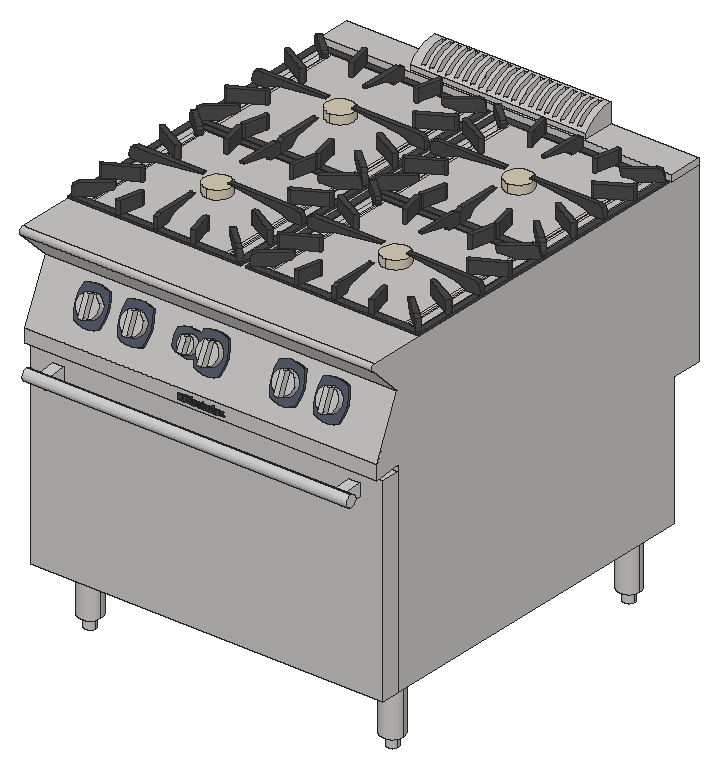
Revit family "QF_ELECTROLUXPROFESSIONAL_391575_E9AAKTBBMEI", category Attrezzature speciali, Revit 2018 (continued)
Automatic sketch dimensions
  Extrusion 12 sketch curve to Extrusion 12 sketch curve = 3.062 mm
  Extrusion 12 sketch curve to Extrusion 12 sketch curve = 2.968 mm
  Extrusion 12 sketch curve to Extrusion 12 sketch curve = 5.044 mm
  Extrusion 12 sketch curve to Extrusion 12 sketch curve = 0.629 mm  (x2)
  Extrusion 12 sketch curve to Extrusion 12 sketch curve = 1.131 mm
  Extrusion 12 sketch curve to Extrusion 12 sketch curve = 0.137 mm
  Extrusion 12 sketch curve to Extrusion 12 sketch curve = 0.027 mm
  Extrusion 12 sketch curve to Extrusion 12 sketch curve = 2.235 mm
  Extrusion 13 sketch curve to Extrusion 1 = 0 mm
  Extrusion 1 to Extrusion 13 sketch curve = 9.61 mm
  Extrusion 13 sketch curve to Extrusion 1 = 0.775 mm
  Extrusion 1 to Extrusion 13 sketch curve = 0.1 mm
  Extrusion 15 sketch curve to plane 12 = 298.908 mm
  plane 5 "FRONT" to Extrusion 15 sketch curve = 18.336 mm
  Extrusion 15 sketch curve to Extrusion 15 sketch curve = 3.343 mm
  Extrusion 15 sketch curve to Extrusion 15 sketch curve = 2.066 mm
  Extrusion 15 sketch curve to Extrusion 15 sketch curve = 0 mm  (x2)
  Extrusion 15 sketch curve to Extrusion 15 sketch curve = 1.593 mm
  Extrusion 15 sketch curve to Extrusion 15 sketch curve = 5.756 mm
  Extrusion 15 sketch curve to Extrusion 15 sketch curve = 4.906 mm
  Extrusion 15 sketch curve to Extrusion 15 sketch curve = 5.312 mm
  plane 5 "FRONT" to Extrusion 15 sketch curve = 9.206 mm
  Extrusion 15 sketch curve to Extrusion 15 sketch curve = 11.3 mm
  Extrusion 15 sketch curve to Extrusion 15 sketch curve = 28.009 mm
  Extrusion 15 sketch curve to Extrusion 15 sketch curve = 2.83 mm
  Extrusion 16 sketch curve to plane 12 = 298.908 mm
  plane 5 "FRONT" to Extrusion 16 sketch curve = 18.336 mm
  Extrusion 16 sketch curve to Extrusion 16 sketch curve = 3.343 mm
  Extrusion 16 sketch curve to Extrusion 16 sketch curve = 2.066 mm
  Extrusion 16 sketch curve to Extrusion 16 sketch curve = 0 mm  (x2)
  Extrusion 16 sketch curve to Extrusion 16 sketch curve = 1.593 mm
  Extrusion 16 sketch curve to Extrusion 16 sketch curve = 5.756 mm
  Extrusion 16 sketch curve to Extrusion 16 sketch curve = 4.906 mm
  Extrusion 16 sketch curve to Extrusion 16 sketch curve = 5.312 mm
  plane 5 "FRONT" to Extrusion 16 sketch curve = 9.206 mm
  Extrusion 16 sketch curve to Extrusion 16 sketch curve = 11.3 mm
  Extrusion 16 sketch curve to Extrusion 16 sketch curve = 28.009 mm
  Extrusion 16 sketch curve to Extrusion 16 sketch curve = 11.2 mm
  plane 5 "FRONT" to Extrusion 19 sketch curve = 0 mm  (x2)
  plane 1 "BACK" to Extrusion 19 sketch curve = 0 mm
  Extrusion 19 sketch curve to plane 3 "LEFT" = 0 mm
  Extrusion 19 sketch curve to plane 4 "RIGHT" = 0 mm
  Extrusion 19 sketch curve to plane 3 "LEFT" = 100.013 mm
  Extrusion 19 sketch curve to Extrusion 19 sketch curve = 100.013 mm
  Extrusion 19 sketch curve to plane 1 "BACK" = 100.013 mm
  Extrusion 1 sketch curve to plane 5 "FRONT" = 7.973 mm
  Extrusion 1 sketch curve to plane 5 "FRONT" = 13.51 mm
  plane 15 to Extrusion 1 sketch curve = 57.381 mm
  Extrusion 15 sketch curve to plane 5 "FRONT" = 29.472 mm
  Extrusion 16 sketch curve to plane 5 "FRONT" = 29.472 mm
  Extrusion 17 sketch curve to Extrusion 13 = 0 mm  (x2)
  Extrusion 17 sketch curve to Extrusion 13 = 3.712 mm
  Extrusion 17 sketch curve to Extrusion 13 = 0.003 mm
  Extrusion 13 to Extrusion 17 sketch curve = 3.53 mm
  plane 4 "RIGHT" to Revolve 3 sketch curve = 55.563 mm
  Revolve 3 sketch curve to Revolve 3 sketch curve = 0 mm
  plane 4 "RIGHT" to Revolve 4 sketch curve = 55.562 mm
  Revolve 4 sketch curve to Revolve 4 sketch curve = 0 mm
  Extrusion 9 sketch curve to Extrusion 9 sketch curve = 15.898 mm
  plane 5 "FRONT" to curve 1 = 0 mm
  curve 10 to plane 3 "LEFT" = 0 mm
  plane 17 to curve 10 = 0 mm
  curve 8 to plane 4 "RIGHT" = 0 mm
  plane 5 "FRONT" to curve 6 = 0 mm
  curve 1 to plane 3 "LEFT" = 100.013 mm
  plane 4 "RIGHT" to curve 10 = 0.1 mm
  curve 3 to plane 4 "RIGHT" = 100.013 mm
  curve 3 to plane 5 "FRONT" = 0.396 mm
  curve 11 to plane 5 "FRONT" = 1.275 mm
  plane 11 to curve 7 = 4.762 mm
  curve 2 to plane 1 "BACK" = 100.013 mm
  plane 13 to curve 13 = 25.075 mm
  plane 13 to curve 20 = 5.2 mm
  curve 22 to plane 13 = 20.2 mm
  curve 17 to plane 19 = 20.2 mm
  plane 19 to curve 23 = 5.2 mm
  plane 5 "FRONT" to curve 15 = 7.706 mm
  curve 15 to curve 15 = 19.875 mm
  curve 12 to curve 15 = 25.4 mm
  curve 17 to curve 17 = 23.508 mm
  curve 12 to curve 20 = 9.598 mm
  curve 18 to curve 17 = 7.706 mm
  curve 19 to curve 20 = 7.706 mm
  plane 1 "BACK" to curve 26 = 0 mm
  curve 24 to plane 13 = 144 mm
  plane 1 "BACK" to curve 106 = 6.761 mm
  curve 24 to curve 106 = 20.698 mm
  curve 105 to curve 103 = 9.296 mm
  curve 103 to curve 102 = 9.397 mm
  curve 100 to curve 99 = 9.296 mm
  curve 99 to curve 97 = 9.397 mm
  curve 97 to curve 98 = 9.296 mm
  curve 95 to curve 93 = 9.397 mm
  curve 93 to curve 94 = 9.296 mm
  curve 91 to curve 88 = 9.397 mm
  curve 89 to curve 87 = 9.296 mm
  curve 87 to curve 85 = 9.397 mm
  curve 85 to curve 86 = 9.296 mm
  curve 83 to curve 82 = 9.397 mm
  curve 81 to curve 82 = 9.296 mm
  curve 79 to curve 78 = 9.397 mm
  curve 77 to curve 78 = 9.296 mm
  curve 75 to curve 72 = 9.397 mm
  curve 72 to curve 72 = 9.296 mm
  curve 71 to curve 68 = 9.397 mm
  curve 67 to plane 7 "Center Y" = 1.823 mm
  plane 7 "Center Y" to curve 65 = 7.574 mm
  curve 64 to curve 64 = 9.296 mm
  curve 63 to curve 61 = 9.397 mm
  curve 61 to curve 59 = 9.296 mm
  curve 59 to curve 57 = 9.397 mm
  curve 57 to curve 55 = 9.296 mm
  curve 55 to curve 53 = 9.397 mm
  curve 53 to curve 51 = 9.296 mm
  curve 51 to curve 48 = 9.397 mm
  curve 49 to curve 47 = 9.296 mm
  curve 47 to curve 45 = 9.397 mm
  curve 45 to curve 46 = 9.296 mm
  curve 43 to curve 41 = 9.397 mm
  curve 41 to curve 42 = 9.296 mm
  curve 39 to curve 37 = 9.397 mm
  curve 37 to curve 38 = 9.296 mm
  curve 35 to curve 32 = 9.397 mm
  curve 33 to curve 31 = 9.296 mm
  curve 31 to curve 28 = 9.397 mm
  curve 29 to curve 27 = 9.296 mm
  curve 30 to curve 26 = 14.847 mm
  plane 11 to curve 26 = 11.113 mm
  plane 11 to curve 104 = 17.052 mm
  plane 11 to curve 100 = 17.052 mm
  curve 100 to curve 96 = 0 mm
  curve 25 to curve 27 = 5.939 mm
  curve 95 to curve 93 = 0 mm
  curve 31 to curve 28 = 0 mm
  curve 91 to curve 89 = 0 mm
  curve 35 to curve 32 = 0 mm
  curve 87 to curve 85 = 0 mm
  curve 39 to curve 36 = 0 mm
  curve 83 to curve 81 = 0 mm
  curve 43 to curve 40 = 0 mm
  curve 79 to curve 77 = 0 mm
  curve 47 to curve 44 = 0 mm
  curve 75 to curve 73 = 0 mm
  curve 51 to curve 48 = 0 mm
  curve 71 to curve 69 = 0 mm
  curve 55 to curve 52 = 0 mm
  curve 67 to curve 65 = 0 mm
  curve 59 to curve 56 = 0 mm
  plane 1 "BACK" to curve 62 = 6.761 mm
  plane 1 "BACK" to curve 63 = 6.761 mm
  plane 1 "BACK" to curve 58 = 6.761 mm
  plane 1 "BACK" to curve 67 = 6.761 mm
  plane 1 "BACK" to curve 54 = 6.761 mm
  plane 1 "BACK" to curve 50 = 6.761 mm
  plane 1 "BACK" to curve 73 = 6.761 mm
  plane 1 "BACK" to curve 75 = 6.761 mm
  plane 1 "BACK" to curve 46 = 6.761 mm
  plane 1 "BACK" to curve 42 = 6.761 mm
  plane 1 "BACK" to curve 81 = 6.761 mm
  plane 1 "BACK" to curve 38 = 6.761 mm
  plane 1 "BACK" to curve 85 = 6.761 mm
  plane 1 "BACK" to curve 34 = 6.761 mm
  plane 1 "BACK" to curve 89 = 6.761 mm
  plane 1 "BACK" to curve 91 = 6.761 mm
  plane 1 "BACK" to curve 30 = 6.761 mm
  plane 1 "BACK" to curve 101 = 6.761 mm
  plane 1 "BACK" to curve 97 = 6.761 mm
  radius of Extrusion 10 sketch curve = 25.4 mm  (x5)
  radius of Extrusion 10 sketch curve = 19.05 mm
  radius of Extrusion 11 sketch curve to Extrusion 10 = 0 mm  (x6)
  radius of Extrusion 14 sketch curve to Extrusion 16 = 0 mm
  radius of Extrusion 18 sketch curve = 6.4 mm  (x2)
Nested families
  nested 1: "371009_BURNER" at (393.7, -440.488, 0) x (-1, 0, 0) z (0, 0, 1), type "371009_BURNER"
    with Type Mark "", Status "", Specification by User "", Revision Code "", Item Number "", Installed By "", Identify Quantity as Lot yes, Furnished By "", Foodservice Equipment Identifier yes
  nested 2: "371009_BURNER" at (393.7, -440.488, 0) x (-1, 0, 0) z (0, 0, 1), type "371009_BURNER"
    with Type Mark "", Status "", Specification by User "", Revision Code "", Item Number "", Installed By "", Identify Quantity as Lot yes, Furnished By "", Foodservice Equipment Identifier yes
  nested 3: "371009_BURNER" at (406.4, -440.488, 0), type "371009_BURNER"
    with Type Mark "", Status "", Specification by User "", Revision Code "", Item Number "", Installed By "", Identify Quantity as Lot yes, Furnished By "", Foodservice Equipment Identifier yes
  nested 4: "371009_BURNER" at (406.4, -440.488, 0), type "371009_BURNER"
    with Type Mark "", Status "", Specification by User "", Revision Code "", Item Number "", Installed By "", Identify Quantity as Lot yes, Furnished By "", Foodservice Equipment Identifier yes
Connectors
  piping at (749.3, -665.163, 128.587), diameter 12.8
    settings: on Extrusion 18, index 1, connector inside diameter 0.50394", connector length 0 mm, flow factor 0, pipe flow 0 GPM, pressure drop 0.00 psi, fitting loss kfactor 0, connector angle 0.00°, fixture units 0, engagement length 0 mm, angle of deflection 0.00°, flow configuration 1, flow direction 1, fitting loss method 0, system type 7, joint type 0, gender type 0, connector reference index -1, connector utility 0, adjustable connector no, is connector primary yes, connector description "GAS CONNECTION"
Definition of nested family "371009_BURNER"
  Parameters
    Weight in Pounds = 0
    URL Cutsheet = ""
    URL = "www.electrolux.com"
    Type Mark [instance] = ""
    Status [instance] = ""
    Specification by User [instance] = ""
    Specification by Manufacturer = ""
    Show Clearance [instance] = yes
    Serial Number = ""
    Seismic Rating = ""
    SMACNA No = ""
    Revision Code [instance] = ""
    Omniclass Number and Title = ""
    NAFEM Spec ID Number = ""
    Model = "371009"
    Masterspec = ""
    Manufacturer = "ELECTROLUX"
    Item Number [instance] = ""
    Installed By [instance] = ""
    Identify Quantity as Lot [instance] = yes
    Furnished By [instance] = ""
    Foodservice Equipment Identifier [instance] = yes
    Description = ""
    CSI MasterFormat = ""
    CSI Master Format = ""
  Reference planes
    plane 1 "BACK": y = 0
    plane 2: z = 0
    plane 3 "LEFT": x = 0
    plane 4 "RIGHT": x = 393.7
    plane 5 "FRONT": y = -355.6
    plane 6 "TOP": z = 908.85
    plane 7 "Center Y": x = 196.85
    plane 8 "Center X": y = -177.8
    plane 9 "Base": z = 150
    plane 10: z = 850.85
  Forms (mm)
    Extrusion 1, solid
      sketch origin (-6.433, -404.961, 5) x (1, 0, 0) y (0, 0, -1)
        loop
          arc (7.142, -850.85) -> (6.739, -862.989) -> (9.761, -874.752) r 42.809
          line (9.761, -874.752) -> (19.961, -879.425) -> (173.122, -879.425)
          arc (173.122, -879.425) -> (174.316, -878.312) -> (173.289, -877.043) r 1.197
          line (173.289, -877.043) -> (64.848, -864.021)
          arc (64.848, -864.021) -> (50.111, -858.738) -> (36.589, -850.85) r 85.245
          line (36.589, -850.85) -> (7.142, -850.85)
        loop
          line (399.424, -850.85) -> (369.977, -850.85)
          arc (369.977, -850.85) -> (356.455, -858.738) -> (341.718, -864.021) r 85.245
          line (341.718, -864.021) -> (233.277, -877.043)
          arc (233.277, -877.043) -> (232.25, -878.312) -> (233.444, -879.425) r 1.197
          line (233.444, -879.425) -> (386.605, -879.425) -> (396.806, -874.752)
          arc (396.806, -874.752) -> (399.827, -862.989) -> (399.424, -850.85) r 42.809
      from 224.564 to 234.564
    Extrusion 2, solid
      sketch origin (196.85, 175.397, 1219.2) x (0, 1, 0) y (0, 0, 1)
        loop
          line (-204.463, -363.35) -> (-175.397, -363.35) -> (-175.397, -339.506)
          arc (-175.397, -339.506) -> (-181.025, -338.266) -> (-185.611, -334.775) r 13.39
          line (-185.611, -334.775) -> (-278.903, -334.775)
          arc (-278.903, -334.775) -> (-280.097, -335.888) -> (-279.07, -337.157) r 1.197
          line (-279.07, -337.157) -> (-227.151, -347.464)
          arc (-227.151, -347.464) -> (-213.741, -352.457) -> (-204.463, -363.35) r 28.426
        loop
          arc (-496.332, -363.35) -> (-487.053, -352.457) -> (-473.644, -347.464) r 28.426
          line (-473.644, -347.464) -> (-421.725, -337.157)
          arc (-421.725, -337.157) -> (-420.697, -335.888) -> (-421.891, -334.775) r 1.197
          line (-421.891, -334.775) -> (-515.184, -334.775)
          arc (-515.184, -334.775) -> (-519.769, -338.266) -> (-525.397, -339.506) r 13.39
          line (-525.397, -339.506) -> (-525.397, -363.35) -> (-496.332, -363.35)
      from -5 to 5
    Extrusion 3, solid
      sketch origin (-6.433, 367.064, 850.85) x (0, -1, 0) y (1, 0, 0)
        loop
          line (722.664, 6.433) -> (722.664, 400.133) -> (367.064, 400.133) -> (367.064, 6.433) -> (722.664, 6.433)
        loop
          line (382.064, 21.433) -> (707.664, 21.433) -> (707.664, 385.133) -> (382.064, 385.133) -> (382.064, 21.433)
      from 0 to 5
    Extrusion 4, solid
      sketch origin (-18.933, 367.064, 855.85) x (0, -1, 0) y (1, 0, 0)
        loop
          circle (541.667, 215.783) r 30
      from -1.321 to 17.134
    Extrusion 5, solid
      sketch origin (-6.433, -367.064, 0) x (1, 0, 0) y (0, 0, -1)
        loop
          line (21.433, -855.85) -> (36.589, -855.85)
          arc (36.589, -855.85) -> (40.561, -855.243) -> (44.305, -853.783) r 18.259
          arc (44.305, -853.783) -> (45.997, -853.366) -> (47.69, -853.783) r 3.649
          arc (47.69, -853.783) -> (49.901, -854.522) -> (52.232, -854.529) r 7.328
          line (52.232, -854.529) -> (354.334, -854.529)
          arc (354.334, -854.529) -> (356.666, -854.522) -> (358.877, -853.783) r 7.328
          arc (358.877, -853.783) -> (360.569, -853.366) -> (362.261, -853.783) r 3.649
          arc (362.261, -853.783) -> (366.005, -855.243) -> (369.977, -855.85) r 18.259
          line (369.977, -855.85) -> (385.133, -855.85) -> (385.133, -850.85) -> (21.433, -850.85) -> (21.433, -855.85)
      from 26.464 to 352.064
    Extrusion 6, solid
      sketch origin (83.284, -458.334, 5) x (0.742103, 0.670286, 0) y (0, 0, -1)
        loop
          arc (88.629, -864.012) -> (73.909, -858.731) -> (60.402, -850.85) r 85.245
          line (60.402, -850.85) -> (14.993, -850.85)
          arc (14.993, -850.85) -> (14.642, -862.948) -> (17.686, -874.663) r 42.876
          line (17.686, -874.663) -> (27.899, -879.425) -> (89.664, -879.425)
          arc (89.664, -879.425) -> (92.39, -878.352) -> (93.654, -875.709) r 4
          arc (93.654, -875.709) -> (92.562, -869.25) -> (88.629, -864.012) r 13.87
        loop
          arc (457.638, -864.012) -> (453.704, -869.25) -> (452.613, -875.709) r 13.87
          arc (452.613, -875.709) -> (453.876, -878.352) -> (456.603, -879.425) r 4
          line (456.603, -879.425) -> (518.367, -879.425) -> (528.581, -874.663)
          arc (528.581, -874.663) -> (531.624, -862.948) -> (531.273, -850.85) r 42.876
          line (531.273, -850.85) -> (485.865, -850.85)
          arc (485.865, -850.85) -> (472.357, -858.731) -> (457.638, -864.012) r 85.245
      from 127.064 to 137.064
    Extrusion 7, solid
      sketch origin (310.416, -458.334, 5) x (-0.742103, 0.670286, 0) y (0, 0, 1)
        loop
          arc (88.629, 864.012) -> (92.562, 869.25) -> (93.654, 875.709) r 13.87
          arc (93.654, 875.709) -> (92.39, 878.352) -> (89.664, 879.425) r 4
          line (89.664, 879.425) -> (27.899, 879.425) -> (17.686, 874.663)
          arc (17.686, 874.663) -> (14.642, 862.948) -> (14.993, 850.85) r 42.876
          line (14.993, 850.85) -> (60.402, 850.85)
          arc (60.402, 850.85) -> (73.909, 858.731) -> (88.629, 864.012) r 85.245
        loop
          arc (457.638, 864.012) -> (472.357, 858.731) -> (485.865, 850.85) r 85.245
          line (485.865, 850.85) -> (531.273, 850.85)
          arc (531.273, 850.85) -> (531.624, 862.948) -> (528.581, 874.663) r 42.876
          line (528.581, 874.663) -> (518.367, 879.425) -> (456.603, 879.425)
          arc (456.603, 879.425) -> (453.876, 878.352) -> (452.613, 875.709) r 4
          arc (452.613, 875.709) -> (453.704, 869.25) -> (457.638, 864.012) r 13.87
      from 127.064 to 137.064
    Extrusion 8, solid
      sketch origin (-6.433, 367.064, 855.85) x (0, -1, 0) y (1, 0, 0)
        loop
          arc (626.166, 9.428) -> (632.956, 7.454) -> (634.93, 14.244) r 5
          line (634.93, 14.244) -> (600.514, 76.878)
          arc (600.514, 76.878) -> (593.724, 78.852) -> (591.75, 72.062) r 5
          line (591.75, 72.062) -> (626.166, 9.428)
        loop
          line (463.562, 9.428) -> (497.977, 72.062)
          arc (497.977, 72.062) -> (496.003, 78.852) -> (489.213, 76.878) r 5
          line (489.213, 76.878) -> (454.798, 14.244)
          arc (454.798, 14.244) -> (456.772, 7.454) -> (463.562, 9.428) r 5
        loop
          line (626.166, 397.138) -> (591.75, 334.504)
          arc (591.75, 334.504) -> (593.724, 327.714) -> (600.514, 329.689) r 5
          line (600.514, 329.689) -> (634.93, 392.323)
          arc (634.93, 392.323) -> (632.956, 399.113) -> (626.166, 397.138) r 5
        loop
          arc (463.562, 397.138) -> (456.772, 399.113) -> (454.798, 392.323) r 5
          line (454.798, 392.323) -> (489.213, 329.689)
          arc (489.213, 329.689) -> (496.003, 327.714) -> (497.977, 334.504) r 5
          line (497.977, 334.504) -> (463.562, 397.138)
        loop
          line (715.14, 293.499) -> (666.703, 282.317)
          arc (666.703, 282.317) -> (662.956, 276.32) -> (668.953, 272.573) r 5
          line (668.953, 272.573) -> (717.389, 283.756)
          arc (717.389, 283.756) -> (721.136, 289.752) -> (715.14, 293.499) r 5
        loop
          arc (715.14, 113.067) -> (721.136, 116.814) -> (717.389, 122.811) r 5
          line (717.389, 122.811) -> (668.953, 133.993)
          arc (668.953, 133.993) -> (662.956, 130.246) -> (666.703, 124.249) r 5
          line (666.703, 124.249) -> (715.14, 113.067)
        loop
          arc (374.588, 293.499) -> (368.591, 289.752) -> (372.338, 283.756) r 5
          line (372.338, 283.756) -> (420.775, 272.573)
          arc (420.775, 272.573) -> (426.771, 276.32) -> (423.024, 282.317) r 5
          line (423.024, 282.317) -> (374.588, 293.499)
        loop
          line (374.588, 113.067) -> (423.024, 124.249)
          arc (423.024, 124.249) -> (426.771, 130.246) -> (420.775, 133.993) r 5
          line (420.775, 133.993) -> (372.338, 122.811)
          arc (372.338, 122.811) -> (368.591, 116.814) -> (374.588, 113.067) r 5
      from 0 to 28.575
  Lines and regions (mm)
    symbolic lines
      curve 1: line (0, -355.6, 150) -> (393.7, -355.6, 150)
      curve 2: line (0, 0, 150) -> (0, -355.6, 150)
      curve 3: line (393.7, -355.6, 150) -> (393.7, 0, 150)
      curve 4: line (369.633, -15, 150) -> (285.34, -15, 150)
      curve 5: line (24.067, -340.6, 150) -> (108.36, -340.6, 150)
      curve 6: line (157.475, -170.397, 150) -> (157.475, -15, 150)
      curve 7: line (236.225, -170.397, 150) -> (236.225, -15, 150)
      curve 8: line (201.85, -350, 150) -> (201.85, -176.674, 150)
      curve 9: line (0, -180.397, 150) -> (167.224, -180.397, 150)
      curve 10: line (393.7, -170.397, 150) -> (228.275, -170.397, 150)
      curve 11: line (15, -180.397, 150) -> (15, -252.506, 150)
      curve 12: line (45.799, -340.6, 150) -> (45.799, -320.971, 150)
      curve 13: line (167.224, -170.397, 150) -> (0, -170.397, 150)
      curve 14: line (228.275, -180.504, 150) -> (393.7, -180.504, 150)
      curve 15: arc (228.275, -170.397, 150) -> (223.221, -175.45, 150) -> (228.275, -180.504, 150) r 5.054
      curve 16: arc (167.224, -170.397, 150) -> (172.224, -175.397, 150) -> (167.224, -180.397, 150) r 5
      curve 17: line (191.85, -176.674, 150) -> (191.85, -350, 150)
      curve 18: line (201.85, -134.556, 150) -> (201.85, -0.794, 150)
      curve 19: arc (201.85, -176.674, 150) -> (196.85, -171.674, 150) -> (191.85, -176.674, 150) r 5
      curve 20: arc (201.85, -134.556, 150) -> (196.85, -139.556, 150) -> (191.85, -134.556, 150) r 5
      curve 21: line (191.85, -15, 150) -> (118.623, -15, 150)
      curve 22: arc (201.85, -29.042, 150) -> (213.272, -50.008, 150) -> (201.85, -70.973, 150) r 24.953
      curve 23: arc (213.086, -53.048, 150) -> (214.5, -50.008, 150) -> (213.086, -46.967, 150) r 3.975
      curve 24: arc (191.85, -29.852, 150) -> (181.339, -50.008, 150) -> (191.85, -70.163, 150) r 24.58
      curve 25: arc (181.527, -53.042, 150) -> (179.976, -50.008, 150) -> (181.527, -46.973, 150) r 3.745
      curve 26: line (191.85, -0.794, 150) -> (191.85, -134.556, 150)
      curve 27: line (191.85, -350, 150) -> (201.85, -350, 150)
      curve 28: line (191.85, -11.007, 150) -> (201.85, -11.007, 150)
      curve 29: line (191.85, -0.794, 150) -> (201.85, -0.794, 150)
      curve 30: line (201.85, -340.6, 150) -> (275.077, -340.6, 150)
      curve 31: arc (196.85, -145.397, 0) -> (166.955, -172.888, 0) -> (191.85, -204.977, 0) r 30
      curve 32: arc (201.85, -204.977, 0) -> (226.745, -172.888, 0) -> (196.85, -145.397, 0) r 30
      curve 33: arc (158.678, -180.397, 0) -> (170.734, -200.207, 0) -> (191.85, -209.795, 0) r 39.375
      curve 34: line (163.825, -170.397, 150) -> (163.825, -15, 150)
      curve 35: line (229.875, -170.397, 150) -> (229.875, -15, 150)
      curve 36: line (144.775, -170.397, 150) -> (144.775, -15, 150)
      curve 37: line (248.925, -170.397, 150) -> (248.925, -15, 150)
      curve 38: arc (145.678, -180.397, 0) -> (161.728, -209.187, 0) -> (191.85, -222.573, 0) r 52.075
      curve 39: arc (201.85, -209.795, 0) -> (222.966, -200.207, 0) -> (235.022, -180.397, 0) r 39.375
      curve 40: arc (201.85, -222.573, 0) -> (231.931, -209.224, 0) -> (248.001, -180.504, 0) r 52.075
      curve 41: line (393.7, 0, 0) -> (0, 0, 0)
      curve 42: line (70.445, -122.149, 0) -> (7.81, -87.734, 0)
      curve 43: arc (7.81, -87.734, 0) -> (1.021, -89.708, 0) -> (2.995, -96.498, 0) r 5
      curve 44: line (2.995, -96.498, 0) -> (65.629, -130.914, 0)
      curve 45: arc (65.629, -130.914, 0) -> (72.419, -128.939, 0) -> (70.445, -122.149, 0) r 5
      curve 46: line (65.629, -224.686, 0) -> (2.995, -259.102, 0)
      curve 47: arc (2.995, -259.102, 0) -> (1.021, -265.892, 0) -> (7.81, -267.866, 0) r 5
      curve 48: line (7.81, -267.866, 0) -> (70.445, -233.451, 0)
      curve 49: arc (70.445, -233.451, 0) -> (72.419, -226.661, 0) -> (65.629, -224.686, 0) r 5
      curve 50: line (323.255, -122.149, 0) -> (385.89, -87.734, 0)
      curve 51: arc (385.89, -87.734, 0) -> (392.679, -89.708, 0) -> (390.705, -96.498, 0) r 5
      curve 52: line (390.705, -96.498, 0) -> (328.071, -130.914, 0)
      curve 53: arc (328.071, -130.914, 0) -> (321.281, -128.939, 0) -> (323.255, -122.149, 0) r 5
      curve 54: line (328.071, -224.686, 0) -> (390.705, -259.102, 0)
      curve 55: arc (390.705, -259.102, 0) -> (392.679, -265.892, 0) -> (385.89, -267.866, 0) r 5
      curve 56: line (385.89, -267.866, 0) -> (323.255, -233.451, 0)
      curve 57: arc (323.255, -233.451, 0) -> (321.281, -226.661, 0) -> (328.071, -224.686, 0) r 5
      curve 58: line (118.623, -340.6, 150) -> (191.85, -340.6, 150)
      curve 59: line (285.34, -340.6, 150) -> (369.633, -340.6, 150)
      curve 60: line (378.7, -335.314, 0) -> (378.7, -263.916, 0)
      curve 61: line (1.326, -7.935, 0) -> (58.752, -59.804, 0)
      curve 62: line (65.455, -52.383, 0) -> (8.029, -0.514, 0)
      curve 63: arc (58.752, -59.804, 0) -> (65.814, -59.445, 0) -> (65.455, -52.383, 0) r 5
      curve 64: line (1.326, -7.935, 0) -> (8.029, -0.514, 0)
      curve 65: line (392.374, -7.935, 0) -> (334.948, -59.804, 0)
      curve 66: line (328.245, -52.383, 0) -> (385.671, -0.514, 0)
      curve 67: arc (334.948, -59.804, 0) -> (327.886, -59.445, 0) -> (328.245, -52.383, 0) r 5
      curve 68: line (392.374, -7.935, 0) -> (385.671, -0.514, 0)
      curve 69: line (392.374, -347.665, 0) -> (334.948, -295.796, 0)
      curve 70: line (328.245, -303.217, 0) -> (385.671, -355.086, 0)
      curve 71: arc (334.948, -295.796, 0) -> (327.886, -296.155, 0) -> (328.245, -303.217, 0) r 5
      curve 72: line (392.374, -347.665, 0) -> (385.671, -355.086, 0)
      curve 73: line (1.326, -347.665, 0) -> (58.752, -295.796, 0)
      curve 74: line (65.455, -303.217, 0) -> (8.029, -355.086, 0)
      curve 75: arc (58.752, -295.796, 0) -> (65.814, -296.155, 0) -> (65.455, -303.217, 0) r 5
      curve 76: line (1.326, -347.665, 0) -> (8.029, -355.086, 0)
      curve 77: line (347.901, -15, 0) -> (347.901, -34.629, 0)
      curve 78: line (347.901, -320.971, 0) -> (347.901, -340.6, 0)
      curve 79: line (378.7, -252.506, 0) -> (378.7, -180.397, 0)
      curve 80: line (347.901, -246.993, 0) -> (347.901, -307.496, 0)
      curve 81: line (378.7, -170.397, 0) -> (378.7, -103.094, 0)
      curve 82: line (347.901, -180.397, 0) -> (347.901, -235.582, 0)
      curve 83: line (378.7, -91.684, 0) -> (378.7, -20.286, 0)
      curve 84: line (347.901, -120.018, 0) -> (347.901, -170.397, 0)
      curve 85: line (347.901, -48.104, 0) -> (347.901, -108.607, 0)
      curve 86: line (275.077, -15, 150) -> (201.85, -15, 150)
      curve 87: line (108.36, -15, 150) -> (24.067, -15, 150)
      curve 88: line (45.799, -40, 150) -> (45.799, -15, 150)
      curve 89: line (45.799, -108.607, 150) -> (45.799, -40, 150)
      curve 90: line (15, -20.286, 0) -> (15, -91.684, 0)
      curve 91: line (15, -103.094, 0) -> (15, -170.397, 0)
      curve 92: line (45.799, -170.397, 150) -> (45.799, -120.018, 150)
      curve 93: line (45.799, -235.582, 150) -> (45.799, -180.397, 150)
      curve 94: line (15, -263.916, 150) -> (15, -335.314, 150)
      curve 95: line (45.799, -307.496, 150) -> (45.799, -246.993, 150)
      curve 96: line (116.378, -350.325, 0) -> (127.56, -301.889, 0)
      curve 97: arc (127.56, -301.889, 0) -> (123.813, -295.892, 0) -> (117.816, -299.64, 0) r 5
      curve 98: line (117.816, -299.64, 0) -> (106.634, -348.076, 0)
      curve 99: arc (106.634, -348.076, 0) -> (110.381, -354.072, 0) -> (116.378, -350.325, 0) r 5
      curve 100: line (266.14, -301.889, 0) -> (277.322, -350.325, 0)
      curve 101: arc (277.322, -350.325, 0) -> (283.319, -354.072, 0) -> (287.066, -348.076, 0) r 5
      curve 102: line (287.066, -348.076, 0) -> (275.884, -299.64, 0)
      curve 103: arc (275.884, -299.64, 0) -> (269.887, -295.892, 0) -> (266.14, -301.889, 0) r 5
      curve 104: line (275.884, -55.96, 0) -> (287.066, -7.524, 0)
      curve 105: arc (287.066, -7.524, 0) -> (283.319, -1.528, 0) -> (277.322, -5.275, 0) r 5
      curve 106: line (277.322, -5.275, 0) -> (266.14, -53.711, 0)
      curve 107: arc (266.14, -53.711, 0) -> (269.887, -59.708, 0) -> (275.884, -55.96, 0) r 5
      curve 108: line (127.56, -53.711, 0) -> (116.378, -5.275, 0)
      curve 109: arc (116.378, -5.275, 0) -> (110.381, -1.528, 0) -> (106.634, -7.524, 0) r 5
      curve 110: line (106.634, -7.524, 0) -> (117.816, -55.96, 0)
      curve 111: arc (117.816, -55.96, 0) -> (123.813, -59.708, 0) -> (127.56, -53.711, 0) r 5
  Dimensions and locks
    equal spacing: plane 3 "LEFT", plane 7 "Center Y", plane 4 "RIGHT"
    plane 3 "LEFT" to plane 4 "RIGHT" = 393.7 mm
    equal spacing: plane 5 "FRONT", plane 8 "Center X", plane 1 "BACK"
    plane 5 "FRONT" to plane 1 "BACK" = 355.6 mm
    plane 6 "TOP" to level = 908.85 mm
    plane 9 "Base" to level = 150 mm
    plane 6 "TOP" to plane 10 = 58 mm  (x2)
    locked: Extrusion 4 sketch curve to plane 7 "Center Y" at 0
    aligned and locked: level to plane 2
  Automatic sketch dimensions
    curve 10 to plane 4 "RIGHT" = 0 mm
    curve 20 to plane 7 "Center Y" = 0 mm
    curve 19 to plane 7 "Center Y" = 0 mm
    curve 9 to plane 3 "LEFT" = 0 mm
    plane 1 "BACK" to curve 2 = 0 mm
    plane 1 "BACK" to curve 3 = 0 mm
    plane 5 "FRONT" to curve 2 = 0 mm
    curve 4 to plane 4 "RIGHT" = 24.067 mm
    curve 59 to plane 4 "RIGHT" = 24.067 mm
    plane 1 "BACK" to curve 37 = 15 mm
    plane 7 "Center Y" to curve 37 = 52.075 mm
    curve 37 to curve 7 = 12.7 mm
    curve 7 to curve 35 = 6.35 mm
    plane 8 "Center X" to curve 15 = 2.35 mm
    curve 35 to curve 15 = 1.6 mm
    plane 7 "Center Y" to curve 23 = 16.236 mm
    curve 23 to curve 23 = 0 mm
    curve 23 to curve 23 = 2.56 mm
    curve 23 to curve 24 = 4.607 mm
    plane 7 "Center Y" to curve 86 = 5 mm
    plane 7 "Center Y" to curve 27 = 5 mm
    curve 22 to plane 7 "Center Y" = 8.531 mm
    curve 22 to curve 25 = 4.597 mm
    curve 25 to curve 25 = 2.194 mm  (x2)
    curve 9 to plane 8 "Center X" = 2.597 mm
    curve 17 to curve 9 = 24.626 mm
    curve 21 to curve 34 = 28.025 mm
    curve 34 to curve 6 = 6.35 mm
    plane 8 "Center X" to curve 36 = 7.403 mm
    curve 6 to curve 36 = 12.7 mm
    plane 3 "LEFT" to curve 12 = 45.799 mm
    plane 3 "LEFT" to curve 87 = 24.067 mm
    plane 3 "LEFT" to curve 5 = 24.067 mm
    plane 1 "BACK" to curve 26 = 0.794 mm
    curve 28 to curve 86 = 3.993 mm
    curve 28 to curve 21 = 3.993 mm
    curve 86 to curve 22 = 14.042 mm
    curve 22 to curve 24 = 0.81 mm
    curve 22 to curve 23 = 17.925 mm
    curve 25 to curve 22 = 3.035 mm
    plane 8 "Center X" to curve 26 = 43.244 mm
    curve 15 to curve 15 = 5.054 mm
    plane 8 "Center X" to curve 17 = 1.126 mm
    curve 94 to curve 12 = 5.286 mm
    curve 58 to plane 5 "FRONT" = 15 mm
    curve 59 to plane 5 "FRONT" = 15 mm
    curve 8 to plane 5 "FRONT" = 5.6 mm
    plane 3 "LEFT" to Extrusion 1 sketch curve = 0.709 mm
    plane 3 "LEFT" to Extrusion 1 sketch curve = 3.327 mm
    Extrusion 1 sketch curve to Extrusion 1 sketch curve = 10.201 mm
    plane 10 to Extrusion 1 sketch curve = 5 mm  (x2)
    Extrusion 1 sketch curve to Extrusion 1 sketch curve = 29.447 mm
    Extrusion 1 sketch curve to Extrusion 1 sketch curve = 12.704 mm  (x2)
    Extrusion 1 sketch curve to Extrusion 1 sketch curve = 15.555 mm  (x2)
    plane 3 "LEFT" to Extrusion 1 sketch curve = 79.689 mm
    Extrusion 1 sketch curve to plane 7 "Center Y" = 30.161 mm
    Extrusion 1 sketch curve to Extrusion 1 sketch curve = 0.167 mm  (x2)
    plane 7 "Center Y" to Extrusion 1 sketch curve = 29.994 mm
    Extrusion 1 sketch curve to plane 4 "RIGHT" = 79.689 mm
    plane 10 to Extrusion 1 sketch curve = 18.171 mm
    Extrusion 1 sketch curve to plane 4 "RIGHT" = 58.415 mm
    Extrusion 1 sketch curve to plane 4 "RIGHT" = 13.528 mm
    Extrusion 1 sketch curve to plane 4 "RIGHT" = 3.327 mm
    Extrusion 1 sketch curve to plane 4 "RIGHT" = 0.709 mm
    Extrusion 1 sketch curve to Extrusion 1 sketch curve = 23.902 mm  (x2)
    Extrusion 1 sketch curve to plane 6 "TOP" = 26.807 mm  (x2)
    Extrusion 1 sketch curve to Extrusion 1 sketch curve = 1.185 mm  (x2)
    Extrusion 1 sketch curve to Extrusion 1 sketch curve = 5.694 mm
    Extrusion 2 sketch curve to plane 1 "BACK" = 0 mm
    plane 1 "BACK" to Extrusion 2 sketch curve = 10.213 mm
    plane 10 to Extrusion 2 sketch curve = 5 mm  (x2)
    plane 1 "BACK" to Extrusion 2 sketch curve = 29.066 mm
    plane 10 to Extrusion 2 sketch curve = 20.886 mm
    Extrusion 2 sketch curve to Extrusion 2 sketch curve = 22.688 mm  (x2)
    Extrusion 2 sketch curve to plane 10 = 7.392 mm  (x2)
    Extrusion 2 sketch curve to plane 6 "TOP" = 24.425 mm
    Extrusion 2 sketch curve to Extrusion 2 sketch curve = 51.752 mm
    Extrusion 2 sketch curve to plane 6 "TOP" = 26.807 mm  (x2)
    Extrusion 2 sketch curve to Extrusion 2 sketch curve = 0.167 mm  (x2)
    Extrusion 2 sketch curve to plane 8 "Center X" = 68.528 mm
    Extrusion 2 sketch curve to plane 5 "FRONT" = 60.248 mm
    Extrusion 2 sketch curve to Extrusion 2 sketch curve = 2.895 mm
    Extrusion 2 sketch curve to plane 5 "FRONT" = 15.813 mm
    Extrusion 2 sketch curve to plane 5 "FRONT" = 5.6 mm
    Extrusion 2 sketch curve to Extrusion 2 sketch curve = 4.731 mm
    Extrusion 2 sketch curve to Extrusion 2 sketch curve = 23.844 mm
    Extrusion 2 sketch curve to Extrusion 2 sketch curve = 1.185 mm
    plane 1 "BACK" to Extrusion 3 sketch curve = 0 mm
    Extrusion 3 sketch curve to plane 3 "LEFT" = 0 mm
    plane 5 "FRONT" to Extrusion 3 sketch curve = 0 mm
    Extrusion 3 sketch curve to plane 4 "RIGHT" = 0 mm
    plane 1 "BACK" to Extrusion 3 sketch curve = 15 mm
    Extrusion 3 sketch curve to plane 5 "FRONT" = 15 mm
    plane 3 "LEFT" to Extrusion 3 sketch curve = 15 mm
    Extrusion 3 sketch curve to plane 4 "RIGHT" = 15 mm
    Extrusion 3 to Extrusion 4 sketch curve = 159.603 mm
    Extrusion 5 sketch curve to plane 10 = 0 mm
    plane 3 "LEFT" to Extrusion 5 sketch curve = 15 mm
    Extrusion 5 sketch curve to Extrusion 5 sketch curve = 14.402 mm
    plane 10 to Extrusion 5 sketch curve = 5 mm
    Extrusion 5 sketch curve to Extrusion 5 sketch curve = 15.156 mm
    plane 10 to Extrusion 5 sketch curve = 2.933 mm  (x3)
    Extrusion 5 sketch curve to Extrusion 5 sketch curve = 7.716 mm  (x2)
    Extrusion 5 sketch curve to Extrusion 5 sketch curve = 0 mm  (x3)
    Extrusion 5 sketch curve to Extrusion 5 sketch curve = 1.692 mm  (x2)
    Extrusion 5 sketch curve to Extrusion 5 sketch curve = 3.385 mm  (x2)
    Extrusion 5 sketch curve to plane 10 = 3.559 mm  (x2)
    plane 10 to Extrusion 5 sketch curve = 3.679 mm
    Extrusion 5 sketch curve to plane 4 "RIGHT" = 45.799 mm
    Extrusion 5 sketch curve to Extrusion 5 sketch curve = 1.143 mm
    Extrusion 5 sketch curve to plane 10 = 13.244 mm
    Extrusion 5 sketch curve to plane 4 "RIGHT" = 15 mm
    plane 10 to Extrusion 6 sketch curve = 5 mm  (x2)
    Extrusion 6 sketch curve to Extrusion 6 sketch curve = 2.692 mm  (x2)
    Extrusion 6 sketch curve to Extrusion 6 sketch curve = 10.213 mm  (x2)
    plane 10 to Extrusion 6 sketch curve = 12.281 mm
    Extrusion 6 sketch curve to Extrusion 6 sketch curve = 29.348 mm  (x2)
    Extrusion 6 sketch curve to Extrusion 6 sketch curve = 3.155 mm  (x2)
    Extrusion 6 sketch curve to Extrusion 6 sketch curve = 22.572 mm
    Extrusion 6 sketch curve to Extrusion 6 sketch curve = 8.81 mm
    Extrusion 6 sketch curve to Extrusion 6 sketch curve = 9.845 mm  (x2)
    Extrusion 6 sketch curve to Extrusion 6 sketch curve = 3.99 mm  (x2)
    Extrusion 6 sketch curve to Extrusion 6 sketch curve = 0 mm  (x2)
    Extrusion 6 sketch curve to Extrusion 6 sketch curve = 49.533 mm
    Extrusion 6 sketch curve to plane 10 = 64.377 mm
    Extrusion 6 sketch curve to Extrusion 6 sketch curve = 326.397 mm
    Extrusion 6 sketch curve to plane 6 "TOP" = 28.141 mm
    Extrusion 6 sketch curve to Extrusion 6 sketch curve = 16.281 mm
    Extrusion 6 sketch curve to Extrusion 6 sketch curve = 1.035 mm
    Extrusion 6 sketch curve to Extrusion 6 sketch curve = 19.417 mm
    Extrusion 6 sketch curve to Extrusion 6 sketch curve = 4.763 mm  (x2)
    Extrusion 6 sketch curve to Extrusion 6 sketch curve = 3.716 mm
    plane 10 to Extrusion 7 sketch curve = 5 mm  (x2)
    Extrusion 7 sketch curve to Extrusion 7 sketch curve = 2.692 mm  (x2)
    Extrusion 7 sketch curve to Extrusion 7 sketch curve = 10.213 mm  (x2)
    plane 10 to Extrusion 7 sketch curve = 12.281 mm
    Extrusion 7 sketch curve to Extrusion 7 sketch curve = 29.348 mm  (x2)
    Extrusion 7 sketch curve to Extrusion 7 sketch curve = 3.155 mm  (x2)
    Extrusion 7 sketch curve to Extrusion 7 sketch curve = 22.572 mm
    Extrusion 7 sketch curve to Extrusion 7 sketch curve = 8.81 mm
    Extrusion 7 sketch curve to Extrusion 7 sketch curve = 9.845 mm  (x2)
    Extrusion 7 sketch curve to Extrusion 7 sketch curve = 3.99 mm  (x2)
    Extrusion 7 sketch curve to Extrusion 7 sketch curve = 0 mm  (x2)
    Extrusion 7 sketch curve to Extrusion 7 sketch curve = 21.306 mm
    Extrusion 7 sketch curve to plane 10 = 64.377 mm  (x2)
    Extrusion 7 sketch curve to Extrusion 7 sketch curve = 326.397 mm
    Extrusion 7 sketch curve to plane 6 "TOP" = 28.141 mm
    Extrusion 7 sketch curve to Extrusion 7 sketch curve = 16.281 mm
    Extrusion 7 sketch curve to Extrusion 7 sketch curve = 1.035 mm
    Extrusion 7 sketch curve to Extrusion 7 sketch curve = 19.417 mm
    Extrusion 7 sketch curve to Extrusion 7 sketch curve = 7.281 mm
    Extrusion 7 sketch curve to Extrusion 7 sketch curve = 10.713 mm
    curve 58 to curve 12 = 72.824 mm
    curve 30 to curve 30 = 73.227 mm
    curve 58 to curve 5 = 10.263 mm
    curve 5 to curve 58 = 0 mm
    curve 59 to curve 30 = 10.263 mm
    curve 30 to curve 8 = 9.4 mm
    curve 31 to curve 32 = 0 mm
    curve 33 to curve 38 = 0 mm  (x2)
    curve 33 to curve 39 = 0 mm  (x2)
    curve 33 to curve 40 = 0 mm  (x2)
    plane 1 "BACK" to curve 41 = 0 mm
    curve 41 to plane 3 "LEFT" = 0 mm
    curve 31 to plane 7 "Center Y" = 0 mm
    curve 33 to plane 7 "Center Y" = 0 mm
    curve 41 to plane 4 "RIGHT" = 0 mm
    plane 3 "LEFT" to curve 76 = 1.326 mm
    plane 3 "LEFT" to curve 64 = 1.326 mm
    plane 3 "LEFT" to curve 44 = 2.995 mm
    plane 3 "LEFT" to curve 46 = 2.995 mm
    curve 43 to curve 43 = 2.408 mm
    curve 46 to curve 47 = 2.408 mm
    curve 47 to curve 47 = 2.408 mm
    curve 43 to curve 42 = 2.408 mm
    curve 76 to plane 5 "FRONT" = 0.514 mm
    plane 3 "LEFT" to curve 76 = 8.029 mm
    plane 1 "BACK" to curve 62 = 0.514 mm
    plane 3 "LEFT" to curve 62 = 8.029 mm
    curve 48 to curve 75 = 50.941 mm
    curve 43 to curve 63 = 50.941 mm
    curve 75 to curve 75 = 3.351 mm
    curve 63 to curve 63 = 3.351 mm
    plane 1 "BACK" to curve 62 = 52.383 mm
    curve 63 to curve 62 = 3.351 mm
    curve 74 to plane 5 "FRONT" = 52.383 mm
    curve 75 to curve 74 = 3.351 mm
    plane 3 "LEFT" to curve 46 = 65.629 mm
    plane 3 "LEFT" to curve 44 = 65.629 mm
    curve 45 to curve 45 = 2.408 mm
    curve 46 to curve 49 = 2.408 mm
    curve 49 to curve 48 = 2.408 mm
    curve 45 to curve 42 = 2.408 mm
    curve 38 to plane 8 "Center X" = 2.597 mm
    curve 38 to plane 7 "Center Y" = 51.172 mm
    curve 33 to plane 8 "Center X" = 2.597 mm
    curve 38 to curve 33 = 12.999 mm
    curve 33 to plane 7 "Center Y" = 5 mm
    curve 38 to plane 7 "Center Y" = 5 mm
    curve 31 to curve 33 = 0 mm
    plane 7 "Center Y" to curve 32 = 5 mm
    plane 7 "Center Y" to curve 40 = 5 mm
    curve 39 to curve 32 = 0 mm
    curve 39 to plane 8 "Center X" = 2.597 mm
    plane 7 "Center Y" to curve 39 = 38.172 mm
    curve 40 to plane 8 "Center X" = 2.704 mm
    curve 39 to curve 40 = 12.979 mm
    curve 50 to plane 4 "RIGHT" = 70.445 mm
    curve 57 to plane 4 "RIGHT" = 70.445 mm
    curve 50 to curve 53 = 2.408 mm
    curve 57 to curve 57 = 2.408 mm  (x2)
    curve 53 to curve 53 = 2.408 mm
    curve 71 to curve 71 = 3.351 mm
    curve 67 to curve 67 = 3.351 mm
    curve 71 to curve 69 = 3.351 mm
    curve 67 to curve 65 = 3.351 mm
    curve 60 to plane 4 "RIGHT" = 15 mm
    curve 72 to plane 5 "FRONT" = 0.514 mm
    curve 72 to plane 4 "RIGHT" = 8.029 mm
    plane 1 "BACK" to curve 68 = 0.514 mm
    curve 68 to plane 4 "RIGHT" = 8.029 mm
    curve 50 to plane 4 "RIGHT" = 7.81 mm
    curve 55 to plane 4 "RIGHT" = 7.81 mm
    curve 55 to curve 55 = 2.408 mm
    curve 50 to curve 51 = 2.408 mm
    curve 55 to plane 4 "RIGHT" = 2.995 mm
    curve 51 to plane 4 "RIGHT" = 2.995 mm
    curve 69 to plane 4 "RIGHT" = 1.326 mm
    curve 65 to plane 4 "RIGHT" = 1.326 mm
    curve 72 to plane 5 "FRONT" = 7.935 mm
    curve 60 to plane 5 "FRONT" = 20.286 mm
    curve 71 to curve 56 = 27.93 mm
    curve 73 to curve 48 = 27.93 mm
    curve 47 to curve 47 = 4.382 mm
    curve 55 to curve 55 = 4.382 mm
    curve 56 to plane 8 "Center X" = 55.651 mm
    curve 48 to plane 8 "Center X" = 55.651 mm
    curve 57 to curve 57 = 4.382 mm
    curve 49 to curve 49 = 4.382 mm
    curve 40 to plane 8 "Center X" = 44.773 mm
    curve 39 to curve 32 = 4.818 mm
    plane 8 "Center X" to curve 31 = 2.403 mm
    plane 8 "Center X" to curve 45 = 46.886 mm
    plane 8 "Center X" to curve 52 = 46.886 mm
    curve 53 to curve 53 = 4.382 mm
    curve 45 to curve 45 = 4.382 mm
    curve 53 to curve 52 = 34.416 mm
    curve 44 to curve 61 = 36.694 mm
    curve 43 to curve 43 = 4.382 mm
    curve 51 to curve 51 = 4.382 mm
    curve 51 to curve 65 = 27.93 mm
    plane 1 "BACK" to curve 83 = 20.286 mm
    plane 1 "BACK" to curve 88 = 15 mm
    plane 1 "BACK" to curve 77 = 15 mm
    curve 77 to curve 83 = 30.799 mm
    curve 78 to plane 5 "FRONT" = 15 mm
    curve 80 to curve 71 = 7.989 mm
    curve 78 to curve 60 = 30.799 mm
    curve 78 to curve 80 = 13.475 mm
    curve 55 to curve 79 = 10.979 mm
    curve 82 to curve 57 = 6.514 mm
    curve 80 to curve 78 = 0 mm
    curve 80 to curve 82 = 11.41 mm
    curve 77 to curve 66 = 37.77 mm
    curve 60 to curve 79 = 11.41 mm
    plane 8 "Center X" to curve 81 = 7.403 mm
    plane 8 "Center X" to curve 84 = 7.403 mm
    curve 82 to plane 8 "Center X" = 2.597 mm
    curve 82 to curve 84 = 0 mm
    curve 79 to plane 8 "Center X" = 2.597 mm
    curve 79 to curve 81 = 0 mm
    curve 81 to curve 51 = 10.979 mm
    curve 53 to curve 85 = 17.924 mm
    curve 84 to curve 81 = 30.799 mm
    curve 84 to curve 85 = 11.41 mm
    curve 52 to curve 84 = 19.83 mm
    curve 81 to curve 83 = 11.41 mm
    curve 67 to curve 85 = 7.989 mm
    curve 85 to curve 77 = 0 mm
    curve 85 to curve 77 = 13.475 mm
    curve 86 to curve 37 = 26.152 mm
    curve 4 to curve 86 = 10.263 mm
    curve 86 to curve 4 = 0 mm
    curve 36 to curve 21 = 26.152 mm
    curve 88 to curve 88 = 25 mm
    plane 8 "Center X" to curve 89 = 69.193 mm
    curve 43 to curve 90 = 9.597 mm
    curve 43 to curve 90 = 0.432 mm
    plane 1 "BACK" to curve 90 = 20.286 mm
    curve 93 to plane 8 "Center X" = 2.597 mm
    plane 8 "Center X" to curve 91 = 7.403 mm
    curve 95 to plane 8 "Center X" = 69.193 mm
    curve 93 to curve 94 = 28.333 mm
    curve 95 to curve 12 = 33.104 mm
    curve 21 to curve 87 = 10.263 mm
    curve 87 to curve 21 = 0 mm
    curve 91 to curve 90 = 11.41 mm
    curve 89 to curve 87 = 21.732 mm
    curve 89 to curve 92 = 11.41 mm
    curve 92 to curve 89 = 0 mm
    plane 8 "Center X" to curve 92 = 7.403 mm
    curve 91 to curve 90 = 0 mm
    curve 93 to curve 95 = 0 mm
    curve 93 to curve 95 = 11.41 mm
    curve 11 to curve 94 = 0 mm
    curve 11 to curve 94 = 11.41 mm
    curve 95 to curve 11 = 30.799 mm
    curve 95 to curve 12 = 13.475 mm
    plane 3 "LEFT" to curve 95 = 45.799 mm
    curve 95 to curve 5 = 33.104 mm
    Extrusion 8 sketch curve to Extrusion 3 = 5.275 mm  (x2)
    Extrusion 8 sketch curve to Extrusion 8 sketch curve = 1.125 mm  (x16)
    Extrusion 3 to Extrusion 8 sketch curve = 38.711 mm  (x2)
    Extrusion 8 sketch curve to Extrusion 3 = 7.19 mm  (x3)
    Extrusion 3 to Extrusion 8 sketch curve = 72.734 mm  (x2)
    Extrusion 8 sketch curve to Extrusion 8 sketch curve = 4.382 mm  (x16)
    Extrusion 8 sketch curve to Extrusion 3 = 2.995 mm  (x4)
    Extrusion 8 sketch curve to Extrusion 8 sketch curve = 34.416 mm  (x4)
    Extrusion 3 to Extrusion 8 sketch curve = 50.629 mm  (x3)
    Extrusion 8 sketch curve to Extrusion 8 sketch curve = 93.773 mm  (x2)
    Extrusion 3 to Extrusion 8 sketch curve = 40.96 mm  (x2)
    Extrusion 8 sketch curve to Extrusion 3 = 7.476 mm  (x2)
    Extrusion 8 sketch curve to Extrusion 8 sketch curve = 2.408 mm  (x4)
    Extrusion 3 to Extrusion 8 sketch curve = 91.634 mm  (x2)
    Extrusion 8 sketch curve to Extrusion 8 sketch curve = 4.872 mm  (x8)
    Extrusion 8 sketch curve to Extrusion 8 sketch curve = 11.182 mm  (x4)
    Extrusion 3 to Extrusion 8 sketch curve = 112.56 mm
    Extrusion 8 sketch curve to Extrusion 8 sketch curve = 61.931 mm
    Extrusion 3 to Extrusion 8 sketch curve = 55.445 mm
    Extrusion 8 sketch curve to Extrusion 8 sketch curve = 4.816 mm
    curve 67 to curve 85 = 19.656 mm
    curve 71 to curve 80 = 19.656 mm
    curve 99 to plane 5 "FRONT" = 7.524 mm
    curve 74 to curve 99 = 41.179 mm
    curve 98 to curve 99 = 4.872 mm
    curve 96 to plane 5 "FRONT" = 5.275 mm
    curve 99 to curve 96 = 4.872 mm
    curve 99 to curve 98 = 11.182 mm
    curve 98 to curve 97 = 4.872 mm
    curve 96 to plane 5 "FRONT" = 53.711 mm
    curve 97 to curve 96 = 4.872 mm
    curve 97 to curve 97 = 1.125 mm
    curve 103 to curve 70 = 62.105 mm
    curve 103 to curve 103 = 4.872 mm  (x2)
    curve 100 to plane 5 "FRONT" = 5.275 mm
    curve 100 to curve 100 = 11.182 mm
    curve 101 to curve 101 = 4.872 mm
    curve 102 to plane 5 "FRONT" = 7.524 mm
    curve 101 to curve 102 = 4.872 mm
    curve 100 to curve 100 = 48.436 mm
    curve 103 to curve 103 = 1.125 mm
    curve 106 to curve 67 = 62.105 mm
    curve 107 to curve 107 = 4.872 mm
    plane 1 "BACK" to curve 104 = 55.96 mm
    curve 107 to curve 104 = 4.872 mm
    plane 1 "BACK" to curve 105 = 5.275 mm
    curve 107 to curve 105 = 11.182 mm
    curve 105 to curve 105 = 4.872 mm  (x2)
    curve 107 to curve 107 = 1.125 mm
    plane 1 "BACK" to curve 104 = 7.524 mm
    plane 1 "BACK" to curve 109 = 7.524 mm
    curve 62 to curve 109 = 41.179 mm
    curve 109 to curve 109 = 4.872 mm
    plane 1 "BACK" to curve 108 = 5.275 mm
    curve 109 to curve 108 = 4.872 mm
    curve 110 to curve 111 = 11.182 mm
    curve 110 to curve 111 = 4.872 mm
    plane 1 "BACK" to curve 108 = 53.711 mm
    curve 111 to curve 108 = 4.872 mm
    curve 111 to curve 108 = 2.25 mm
    radius of Extrusion 4 sketch curve = 30 mm
Types (2, lengths in mm): name | URL | Modello | Produttore | Gas Size | Descrizione
  (no name) | "www.electrolux.com" | "391004" | "ELECTROLUX" | 0" | "900XP 4 GAS BURNERS 6kW ON GAS OVEN"
  Standard | "https://www.electroluxprofessional.com/" | "E9AAKTBBMEI" | "Electrolux Professional" | 1/2" | "4-BURNER (6KW) GAS RANGE+GAS OVEN 800MM - QMARK"
